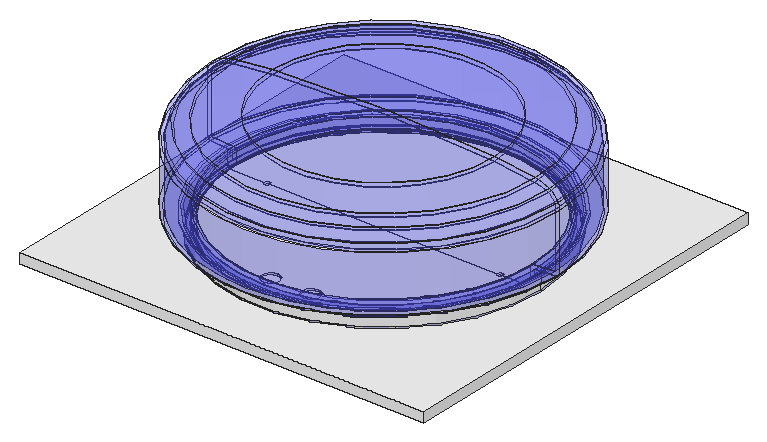
Revit family "BE_50035P_de_DE", category Leuchten, Revit 2020
Family settings
  Basisbauteil = Fläche
  Bemaßung runder Anschluss = Durchmesser verwenden
  Teiletyp = Normal
  Beim Laden mit Abzugskörper schneiden = Ja
  Lichtquelle = Ja
  Gemeinsam genutzt = Nein
  Raumberechnungspunkt = Ja
Parameters (values of type "BEGA_50035P_K4")
  built-in parameter 1150104 = 11.585 (stored number, unit not read)
  Wattage = 16.8 W
  Default Elevation = 0 mm
  built-in parameter 1150113 = 1 (stored number, unit not read)
  built-in parameter 1114218 = 1 (stored number, unit not read)
  Umgebungstemperatur = "25 °C"
  URL = "https://www.bega.com/de/produkt/50035P"
  Typenkommentare = "© 2022 BEGA. Wir behalten uns das Recht vor, technische Änderungen ohne vorherige Ankündigung vorzunehmen."  # constant formula
  built-in parameter 1150134 = (empty or 0)
  built-in parameter 1150109 = 1 (stored number, unit not read)
  Strom = ""
  built-in parameter 1150110 = 1 (stored number, unit not read)
  Spannung = 239.996 V
  Sonderanfertigung = no
  Seriennummer [instance] = "Hier können Sie die eindeutige Seriennummer für das Facility Management eintragen."
  Schutzklasse = "I"
  Schutzart = "IP 20"
  Scheinlast = 0 VA
  Produktdatenblatt = "http://www.bega.de/download/Xrfa/db/50035P.db.de.pdf"
  Oberflächentemperatur = ""
  Neigungswinkel = 0.00°
  Model = "50035PK2"
  Material_17 = BEGA_Reflektor
  Material_15 = BEGA_Leuchtmedium_matt
  Material_14 = BEGA_Kunststoff_opal
  Material_11 = BEGA_Glas_opal
  Material_09 = BEGA_Glas_klar
  Material_06 = BEGA_Oberfläche_Edelstahl_gebürstet
  Material_03 = BEGA_Oberfläche_Weiss_matt
  Material_02 = BEGA_Oberfläche_Silber_matt
  Material_01 [instance] = BEGA_Oberfläche_Grafit_matt
  M_W = no
  M_G = no
  M_A = no
  Logo = 0
  built-in parameter 1114217 = 1 (stored number, unit not read)
  built-in parameter 1150139 = (empty or 0)
  built-in parameter 1150105 = 521.94 (stored number, unit not read)
  built-in parameter 1150114 = 1 (stored number, unit not read)
  Lumens = 2094.96 lm
  built-in parameter 1150115 = 1 (stored number, unit not read)
  Leuchtenlichtstrom = "1860 lm"
  Leuchtenanzahl = ""
  Lebensdauerkriterien = "L70B50 @ 25 °C = 328000 h"
  Lastklassifizierung = Beleuchtung
  built-in parameter 1150112 = 1 (stored number, unit not read)
  Lampenlichtstrom = "2095 lm"
  Lamp = "LED 16.8 W"
  LED_Modulbezeichnung = "LED-0511/927"
  Hersteller = "BEGA"  # constant formula
  Halbstreuwinkel = ""
  Gewicht = "2.45 kg"
  Gebrauchslageneinschränkung [instance] = ""
  Frequenz = "0/50-60 Hz"
  Farbwiedergabeindex = "CRI > 90"
  Farbtemperaturverschiebung bei Dämpfen der Lampe = <Keine Auswahl>
  Farbtemperatur = "2700 K"
  Color Filter = 16777215
  built-in parameter 1150133 = 10 (stored number, unit not read)
  Energieeffizienzklasse = "LED A++ - A"
  built-in parameter 1150137 = (empty or 0)
  built-in parameter 1150132 = (empty or 0)
  ENEC = "ja"
  Dimmbar [instance] = "DALI"
  Photometric Web File = "BE_50035PK2.IES"
  CE_Konformität = "ja"
  Bestellnummer = "50035PK2"
  Beschreibung_Sonderanfertigung = "Hier können Sie Informationen zur Sonderanfertigung eintragen."
  Beschreibung = "Decken- und Wandleuchte"
  built-in parameter 1150106 = 5.2194 (stored number, unit not read)
  Befestigungsbohrung = "Ø 5,5 mm"
  Befestigungsabstand = "230 mm"
  Ballwurfsicher = ""
  BEGA_Intern_aus = yes
  BEGA_Intern_an = yes
  BEGA_Intern_Konstruktion = yes
  BEGA_Intern = yes
  BEGA_IES = yes
  BEGA_Dummy = no
  Anschlussleitung = ""
  Anschlussleistung [instance] = "20 W"
  Anschlusskasten = ""
  built-in parameter 1150107 = 2700 (stored number, unit not read)
  built-in parameter 1150102 = (empty or 0)
  built-in parameter 1150138 = (empty or 0)
  Aktualisierung = "2020-05-11T04:00:10"
  Abstand_zur_angestrahlten_Fläche [instance] = ""
  AC/DC = "AC/DC"
Types (3, lengths in mm): name | built-in parameter 1150104 | built-in parameter 1150134 | Model | built-in parameter 1150105 | Lumens | Leuchtenlichtstrom | Lampenlichtstrom | LED_Modulbezeichnung | Farbtemperatur | Photometric Web File | Bestellnummer | built-in parameter 1150106 | built-in parameter 1150107
  BEGA_50035P_K4 | 12.077 (stored number, unit not read) | 12 | "50035PK4" | 173.8 (stored number, unit not read) | 2184 lm | "1940 lm" | "2185 lm" | "LED-0511/940" | "4000 K" | "BE_50035PK4.IES" | "50035PK4" | 1.738 (stored number, unit not read) | 4000 (stored number, unit not read)
  BEGA_50035P_K3 | 11.669 (stored number, unit not read) | (empty or 0) | "50035PK3" | 525.72 (stored number, unit not read) | 2110.08 lm | "1874 lm" | "2110 lm" | "LED-0511/930" | "3000 K" | "BE_50035PK3.IES" | "50035PK3" | 5.2572 (stored number, unit not read) | 3000 (stored number, unit not read)
  BEGA_50035P_K27 | 12.077 (stored number, unit not read) | 12 | "50035PK27" | 173.8 (stored number, unit not read) | 2184 lm | "1860 lm" | "2095 lm" | "LED-0511/927" | "2700 K" | "BE_50035PK27.IES" | "50035PK27" | 1.738 (stored number, unit not read) | 4000 (stored number, unit not read)
Reference planes
  plane 1 "Mitte (Vorne/Hinten)": y = 0
  plane 2: z = 0
  plane 3 "Mitte (Links/Rechts)": x = 0
  plane 4 "Links": x = -174
  plane 5 "Rechts": x = 174
  plane 6 "Unten": y = -174
  plane 7 "Oben": y = 174
  plane 8 "Vorne": z = 109.9
  plane 9 "Hinten": z = 0
Forms (mm)
  Extrusion 1, solid, material "BEGA_Platte_Weiss"
    sketch origin (0, -1119.2, 0) x (1, 0, 0) y (0, 1, 0)
      loop
        line (-200, 1319.2) -> (-200, 919.2) -> (200, 919.2) -> (200, 1319.2) -> (-200, 1319.2)
    from 0 to -10
  Extrusion 2, solid, material "BEGA_Dummy_matt", visible <- "BEGA_Dummy"
    sketch origin (77.149, -76.023, 0) x (1, 0, 0) y (0, 1, 0)
      loop
        circle (-77.149, 76.023) r 174.004
    from 0 to 109.9
Dimensions and locks
  plane 1 "Mitte (Vorne/Hinten)" to Extrusion 1 = 200 mm
  aligned and locked: plane 2 to Extrusion 1
  aligned and locked: level to Extrusion 1
Nested families
  nested 1: "BE_50035P" at (0, 0, 0) x (0, -1, 0) z (0, 0, 1), type "BE_50035P"
Connectors
  electrical at (0, 0, 0), driven by "Lastklassifizierung", driven by "Spannung", driven by "Scheinlast"
    settings: index 1, voltage 239.996 V, apparent load 0 VA, apparent load phase1 0 VA, apparent load phase2 0 VA, apparent load phase3 0 VA, power factor 1, load classification "Beleuchtung", number of poles 1, system type 31, power factor state 1, is connector primary yes, connector utility no, sub classification motor no, connector description ""
Definition of nested family "BE_50035P"
  Parameters (values of type "BE_50035P")
    Default Elevation = 1 mm
    URL = "http://www.bega.de/de/produkt"
    Type Comments = "© 2015 BEGA. Wir behalten uns das Recht vor, technische Änderungen ohne vorherige Ankündigung vorzunehmen. "  # constant formula
    Type Image = (empty or 0)
    Neigungswinkel_um_Z2 = 0.00°
    Neigungswinkel_um_Z1 = 0.00°
    Neigungswinkel_um_Y2 = 0.00°
    Neigungswinkel_um_Y1 = 0.00°
    Neigungswinkel_um_X2 = 0.00°
    Neigungswinkel_um_X1 = 0.00°
    Material_17 = none
    Material_15 = none
    Material_14 = none
    Material_11 = none
    Material_09 = none
    Material_06 = none
    Material_05 = none
    Material_03 = none
    Material_02 = none
    Material_01 = none
    M_W = yes
    M_G = yes
    M_A = yes
    Länge_Platte = 400 mm  # constant formula
    Höhe_Platte = -10 mm  # constant formula
    Manufacturer = "BEGA"  # constant formula
    Drehwinkel_um_Z2 = 0.00°
    Drehwinkel_um_Z1 = 0.00°
    Breite_Platte = 400 mm  # constant formula
  Reference planes
    plane 1 "Mitte (Oben/Unten)": y = 0
    plane 2: z = 0
    plane 3 "Mitte (Links/Rechts)": x = 0
    plane 4: y = 174
    plane 5: z = 109.9
    plane 6: y = -174
    plane 7: x = -174
    plane 8: x = 174
  Forms (mm)
    Extrusion 1, solid, detail levels medium
      sketch origin (0, 0, 0) x (1, 0, 0) y (0, 1, 0)
        loop
          line (-200, 200) -> (-200, -200) -> (200, -200) -> (200, 200) -> (-200, 200)
      from 0 to -10 <- "Höhe_Platte"
    Revolve 2, solid, material <- "Material_03", detail levels medium+fine
      sketch origin (0, 0, 0) x (0, 1, 0) y (0, 0, 1)
        loop
          line (159, 19.8) -> (159, 20.8) -> (156.831, 20.8)
          arc (156.831, 20.8) -> (155.563, 20.284) -> (155.024, 19.025) r 1.8
          line (155.024, 19.025) -> (154.767, 4.283)
          arc (154.767, 4.283) -> (154.468, 3.587) -> (153.767, 3.3) r 1
          line (153.767, 3.3) -> (0, 3.3) -> (0, 2.3) -> (153.767, 2.3)
          arc (153.767, 2.3) -> (155.169, 2.873) -> (155.767, 4.265) r 2
          line (155.767, 4.265) -> (156.024, 19.01)
          arc (156.024, 19.01) -> (156.264, 19.571) -> (156.829, 19.8) r 0.8
          line (156.829, 19.8) -> (159, 19.8)
        axis (0, 2.3) -> (0, 20.8)
      angle from 0 to 360
    Revolve 3, solid, material <- "Material_03", detail levels medium+fine
      sketch origin (0, 0, 0) x (0, 1, 0) y (0, 0, 1)
        loop
          arc (124.13, 1.943) -> (124.474, 2.206) -> (124.896, 2.3) r 1
          line (124.896, 2.3) -> (125.896, 3.3) -> (117.75, 3.3) -> (117.75, 0) -> (121.108, 0)
          arc (121.108, 0) -> (122.369, 0.281) -> (123.395, 1.067) r 3
          line (123.395, 1.067) -> (124.13, 1.943)
        axis (115, 3.3) -> (115, 0)
      angle from 0 to 360
    Extrusion 4, void
      sketch origin (0, 0, 0) x (1, 0, 0) y (0, 1, 0)
        loop
          circle (115, 20) r 8.5
        loop
          circle (0, 115) r 2.75
        loop
          circle (0, -115) r 2.75
        loop
          circle (115, -20) r 8.5
      from 0 to 7.205
    Revolve 5, solid, material <- "Material_14", detail levels medium+fine
      sketch origin (0, 0, 0) x (0, 1, 0) y (0, 0, 1)
        loop
          arc (150.036, 101.343) -> (130.076, 104.141) -> (110.006, 106.001) r 430
          arc (110.006, 106.001) -> (55.038, 108.925) -> (0, 109.9) r 1553.99
          line (0, 109.9) -> (0, 105.9)
          arc (0, 105.9) -> (54.9, 104.927) -> (109.731, 102.01) r 1549.989
          arc (109.731, 102.01) -> (129.596, 100.17) -> (149.352, 97.401) r 426
          arc (149.352, 97.401) -> (156.196, 95.732) -> (162.704, 93.037) r 46
          arc (162.704, 93.037) -> (166.507, 90.109) -> (168.988, 86) r 13
          arc (168.988, 86) -> (169.743, 83.257) -> (170, 80.424) r 16
          line (170, 80.424) -> (170, 25.506) -> (148.791, 24.394)
          arc (148.791, 24.394) -> (146.425, 23.461) -> (145.1, 21.289) r 4
          line (145.1, 21.289) -> (145.1, 11.074)
          arc (145.1, 11.074) -> (145.5, 9.577) -> (146.592, 8.479) r 3.001
          line (146.592, 8.479) -> (148.263, 7.514)
          arc (148.263, 7.514) -> (149.358, 6.407) -> (149.75, 4.9) r 3.002
          line (149.75, 4.9) -> (153.75, 4.9) -> (153.75, 8.384)
          arc (153.75, 8.384) -> (153.617, 8.887) -> (153.25, 9.256) r 1
          line (153.25, 9.256) -> (149.499, 11.421)
          arc (149.499, 11.421) -> (149.133, 11.787) -> (148.999, 12.287) r 1
          line (148.999, 12.287) -> (149, 19.451)
          arc (149, 19.451) -> (149.272, 20.136) -> (149.94, 20.449) r 1
          line (149.94, 20.449) -> (171.157, 21.561)
          arc (171.157, 21.561) -> (173.176, 22.492) -> (174, 24.557) r 3
          line (174, 24.557) -> (174, 80.418)
          arc (174, 80.418) -> (173.68, 83.965) -> (172.735, 87.4) r 20
          arc (172.735, 87.4) -> (169.48, 92.785) -> (164.489, 96.617) r 17
          arc (164.489, 96.617) -> (157.443, 99.532) -> (150.036, 101.343) r 50
        axis (0, 109.9) -> (0, 4.9)
      angle from 0 to 360
    Revolve 6, solid, material <- "Material_03", detail levels medium+fine
      sketch origin (0, 0, 0) x (0, -1, 0) y (0, 0, 1)
        loop
          arc (124.13, 1.943) -> (124.474, 2.206) -> (124.896, 2.3) r 1
          line (124.896, 2.3) -> (125.896, 3.3) -> (117.75, 3.3) -> (117.75, 0) -> (121.108, 0)
          arc (121.108, 0) -> (122.369, 0.281) -> (123.395, 1.067) r 3
          line (123.395, 1.067) -> (124.13, 1.943)
        axis (115, 3.3) -> (115, 0)
      angle from 0 to 360
  Cuts and joins
    Extrusion 4 cuts Revolve 2
    Extrusion 4 cuts Revolve 3
    joined: Revolve 2, Revolve 3, Revolve 6
  Dimensions and locks
    equal spacing: Extrusion 1 sketch curve, plane 3 "Mitte (Links/Rechts)", Extrusion 1 sketch curve
    equal spacing: Extrusion 1 sketch curve, plane 1 "Mitte (Oben/Unten)", Extrusion 1 sketch curve
    "Länge_Platte": Extrusion 1 sketch curve to Extrusion 1 sketch curve
    "Breite_Platte": Extrusion 1 sketch curve to Extrusion 1 sketch curve
    aligned and locked: plane 2 to Extrusion 1
    aligned and locked: level to Extrusion 1
  Automatic sketch dimensions
    Revolve 2 sketch curve to Revolve 2 sketch curve = 0 mm  (x10)
    Revolve 2 sketch curve to plane 1 "Mitte (Oben/Unten)" = 0 mm  (x2)
    level to Revolve 2 sketch curve = 4.3 mm
    level to Revolve 2 sketch curve = 4.283 mm
    Revolve 2 sketch curve to Revolve 2 sketch curve = 1 mm  (x4)
    Revolve 2 sketch curve to Revolve 2 sketch curve = 0.257 mm
    level to Revolve 2 sketch curve = 4.265 mm
    Revolve 2 sketch curve to Revolve 2 sketch curve = 0.8 mm
    Revolve 2 sketch curve to Revolve 2 sketch curve = 0.004 mm
    Revolve 2 sketch curve to Revolve 2 sketch curve = 0.002 mm
    Revolve 2 sketch curve to Revolve 2 sketch curve = 2.169 mm
    Revolve 2 sketch curve to Revolve 2 sketch curve = 14.735 mm
    Revolve 2 sketch curve to Revolve 2 sketch curve = 0.01 mm
    Revolve 2 sketch curve to Revolve 2 sketch curve = 0.015 mm
    Revolve 2 sketch curve to Revolve 2 sketch curve = 4 mm
    Revolve 3 sketch curve to level = 0 mm
    level to Revolve 3 sketch curve = 3.3 mm
    Revolve 3 sketch curve to Revolve 3 sketch curve = 3.351 mm
    Revolve 3 sketch curve to Revolve 3 sketch curve = 0.007 mm
    level to Revolve 3 sketch curve = 1.067 mm
    level to Revolve 3 sketch curve = 1.3 mm
    Revolve 3 sketch curve to Revolve 3 sketch curve = 1 mm  (x2)
    Revolve 3 sketch curve to Revolve 3 sketch curve = 2.75 mm
    Revolve 3 sketch curve to Revolve 3 sketch curve = 0.766 mm
    Revolve 3 sketch curve to Revolve 3 sketch curve = 0 mm  (x3)
    Revolve 3 sketch curve to level = 2.001 mm
    Revolve 3 sketch curve to Revolve 3 sketch curve = 2 mm
    Revolve 6 sketch curve to level = 0 mm
    Revolve 6 sketch curve to level = 3.3 mm
    Revolve 6 sketch curve to Revolve 6 sketch curve = 3.351 mm
    Revolve 6 sketch curve to Revolve 6 sketch curve = 0.007 mm
    Revolve 6 sketch curve to level = 1.067 mm
    Revolve 6 sketch curve to level = 1.3 mm
    Revolve 6 sketch curve to Revolve 6 sketch curve = 1 mm  (x2)
    Revolve 6 sketch curve to Revolve 6 sketch curve = 2.75 mm
    Revolve 6 sketch curve to Revolve 6 sketch curve = 0.766 mm
    Revolve 6 sketch curve to Revolve 6 sketch curve = 0 mm  (x3)
    level to Revolve 6 sketch curve = 2.001 mm
    Revolve 6 sketch curve to Revolve 6 sketch curve = 2 mm
    Extrusion 4 sketch curve to plane 3 "Mitte (Links/Rechts)" = 0 mm  (x2)
    plane 1 "Mitte (Oben/Unten)" to Extrusion 4 sketch curve = 20 mm
    Extrusion 4 sketch curve to plane 1 "Mitte (Oben/Unten)" = 20 mm
    Revolve 5 sketch curve to Revolve 5 sketch curve = 0 mm  (x33)
    plane 1 "Mitte (Oben/Unten)" to Revolve 5 sketch curve = 0.01 mm
    plane 1 "Mitte (Oben/Unten)" to Revolve 5 sketch curve = 0 mm
    level to Revolve 5 sketch curve = 8.479 mm
    Revolve 5 sketch curve to Revolve 5 sketch curve = 1.492 mm
    Revolve 5 sketch curve to Revolve 5 sketch curve = 0.156 mm
    Revolve 5 sketch curve to Revolve 5 sketch curve = 1.509 mm
    level to Revolve 5 sketch curve = 7.514 mm
    Revolve 5 sketch curve to Revolve 5 sketch curve = 1.671 mm
    Revolve 5 sketch curve to Revolve 5 sketch curve = 3.9 mm
    level to Revolve 5 sketch curve = 11.421 mm
    Revolve 5 sketch curve to Revolve 5 sketch curve = 1.397 mm
    Revolve 5 sketch curve to Revolve 5 sketch curve = 3.001 mm
    Revolve 5 sketch curve to Revolve 5 sketch curve = 0.94 mm
    Revolve 5 sketch curve to Revolve 5 sketch curve = 1 mm  (x3)
    Revolve 5 sketch curve to Revolve 5 sketch curve = 0.501 mm
    Revolve 5 sketch curve to Revolve 5 sketch curve = 3.251 mm
    Revolve 5 sketch curve to Revolve 5 sketch curve = 2.81 mm
    Revolve 5 sketch curve to Revolve 5 sketch curve = 20.06 mm
    Revolve 5 sketch curve to Revolve 5 sketch curve = 4 mm  (x2)
    Revolve 5 sketch curve to Revolve 5 sketch curve = 2.591 mm
    Revolve 5 sketch curve to level = 322.977 mm
    Revolve 5 sketch curve to Revolve 5 sketch curve = 1121.112 mm
    Revolve 5 sketch curve to Revolve 5 sketch curve = 0.001 mm
    Revolve 5 sketch curve to Revolve 5 sketch curve = 3.485 mm
    Revolve 5 sketch curve to Revolve 5 sketch curve = 0.005 mm
    Revolve 5 sketch curve to Revolve 5 sketch curve = 0.348 mm
    Revolve 5 sketch curve to Revolve 5 sketch curve = 0.866 mm
    Revolve 5 sketch curve to Revolve 5 sketch curve = 7.164 mm
    Revolve 5 sketch curve to Revolve 5 sketch curve = 0.049 mm
    Revolve 5 sketch curve to Revolve 5 sketch curve = 0.889 mm
    Revolve 5 sketch curve to Revolve 5 sketch curve = 4.108 mm
    Revolve 5 sketch curve to Revolve 5 sketch curve = 0.949 mm
    Revolve 5 sketch curve to Revolve 5 sketch curve = 28.392 mm
    Revolve 5 sketch curve to Revolve 5 sketch curve = 0.006 mm
    Revolve 5 sketch curve to Revolve 5 sketch curve = 1.05 mm
    Revolve 5 sketch curve to Revolve 5 sketch curve = 0.275 mm
    Revolve 5 sketch curve to Revolve 5 sketch curve = 0.209 mm
    Revolve 5 sketch curve to Revolve 5 sketch curve = 0.5 mm  (x2)
    Revolve 5 sketch curve to Revolve 5 sketch curve = 0.683 mm
    level to Revolve 5 sketch curve = 9.256 mm
    Revolve 5 sketch curve to Revolve 5 sketch curve = 5.894 mm
    Revolve 5 sketch curve to Revolve 5 sketch curve = 1.785 mm
    Revolve 5 sketch curve to Revolve 5 sketch curve = 1.012 mm
    Revolve 5 sketch curve to Revolve 5 sketch curve = 0.157 mm
    level to Revolve 5 sketch curve = 21.561 mm
    Revolve 5 sketch curve to Revolve 5 sketch curve = 3.747 mm
    Revolve 5 sketch curve to Revolve 5 sketch curve = 27.614 mm
    Revolve 5 sketch curve to Revolve 5 sketch curve = 1.032 mm
    level to Revolve 5 sketch curve = 105.9 mm
    Revolve 5 sketch curve to Revolve 5 sketch curve = 13.352 mm
    Revolve 5 sketch curve to Revolve 5 sketch curve = 40 mm
    plane 3 "Mitte (Links/Rechts)" to Extrusion 4 sketch curve = 115 mm
    Extrusion 4 sketch curve to Extrusion 4 sketch curve = 0 mm
    plane 4 to Revolve 2 sketch curve = 20.233 mm
    plane 4 to Revolve 3 sketch curve = 56.25 mm
    Revolve 3 sketch curve to Revolve 3 sketch curve = 2.287 mm
    Revolve 3 sketch curve to Revolve 3 sketch curve = 1.501 mm
    plane 4 to Extrusion 4 sketch curve = 59 mm
    Revolve 5 sketch curve to plane 4 = 0 mm
    Revolve 5 sketch curve to plane 1 "Mitte (Oben/Unten)" = 80.374 mm
    Revolve 5 sketch curve to Revolve 5 sketch curve = 6.887 mm
    Revolve 5 sketch curve to Revolve 5 sketch curve = 14.988 mm
    plane 5 to Revolve 5 sketch curve = 7.89 mm
    plane 6 to Extrusion 4 sketch curve = 59 mm
    Revolve 6 sketch curve to plane 6 = 56.25 mm
    Revolve 6 sketch curve to Revolve 6 sketch curve = 2.287 mm
    Revolve 6 sketch curve to Revolve 6 sketch curve = 1.501 mm
    radius of Extrusion 4 sketch curve = 8.5 mm  (x2)
    radius of Extrusion 4 sketch curve = 2.75 mm  (x2)
